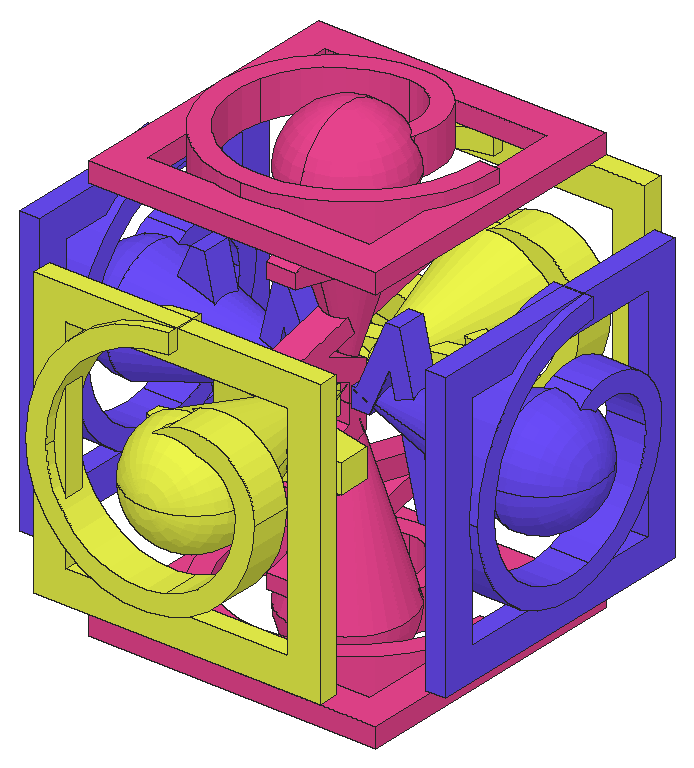
Revit family "M_Condição do limite-Variável", category Condições do limite, Revit 2019
Family settings
  ID de item do Seek = Boundary Condition-Variable-0000-CAN-ENU
  Com base no plano de trabalho = Não
  Sempre na vertical = Sim
  Corte com vazios quando carregada = Não
  Compartilhado = Não
Parameters (values of type "M_Condição do limite-Variável")
  built-in parameter 1140532 [instance] = yes
  built-in parameter 1140531 [instance] = yes
  built-in parameter 1140530 [instance] = yes
  built-in parameter 1140529 [instance] = yes
  built-in parameter 1140528 [instance] = yes
  built-in parameter 1140527 [instance] = yes
  built-in parameter 1140526 [instance] = yes
  built-in parameter 1140525 [instance] = yes
  built-in parameter 1140524 [instance] = yes
  built-in parameter 1140523 [instance] = yes
  built-in parameter 1140522 [instance] = yes
  built-in parameter 1140521 [instance] = yes
Reference planes
  plane 1 "Centro (Frente/Trás)": y = 0
  plane 2: z = 0
  plane 3 "Centro (Esquerda/Direita)": x = 0
  plane 4 "Xesquerda": x = 125.406
  plane 5 "Xdireita": x = -125.406
  plane 6 "Zsuperior": z = 125.406
  plane 7 "Zbot": z = -125.406
  plane 8 "PosY": y = 131.756
  plane 9 "NegY": y = -131.756
  plane 10 "PosX": x = 131.756
  plane 11 "NegX": x = -131.756
  plane 12: z = -50.8
  plane 13: z = 50.8
Forms (mm)
  Revolve 1, solid, material "DireçãoX", visible <- "built-in parameter 1140523"
    sketch origin (0, 0, 0) x (1, 0, 0) y (0, 1, 0)
      loop
        line (-0.56, 0.323) -> (-125.406, 38.493)
        arc (-125.406, 38.493) -> (-152.625, 27.218) -> (-163.899, 0) r 38.493
        line (-163.899, 0) -> (0, 0) -> (163.899, 0)
        arc (163.899, 0) -> (152.625, 27.218) -> (125.406, 38.493) r 38.493
        line (125.406, 38.493) -> (0.56, 0.323) -> (-0.56, 0.323)
      axis (-163.899, 0) -> (163.899, 0)
    angle from 0 to 360
  Revolve 2, solid, material "DireçãoY", visible <- "built-in parameter 1140527"
    sketch origin (0, 0, 0) x (0, 1, 0) y (-1, 0, 0)
      loop
        line (-0.56, 0.323) -> (-125.406, 38.493)
        arc (-125.406, 38.493) -> (-152.625, 27.218) -> (-163.899, 0) r 38.493
        line (-163.899, 0) -> (0, 0) -> (163.899, 0)
        arc (163.899, 0) -> (152.625, 27.218) -> (125.406, 38.493) r 38.493
        line (125.406, 38.493) -> (0.56, 0.323) -> (-0.56, 0.323)
      axis (-163.899, 0) -> (163.899, 0)
    angle from 0 to 360
  Revolve 3, solid, material "DireçãoZ", visible <- "built-in parameter 1140531"
    sketch origin (0, 0, 0) x (0, 0, -1) y (0, 1, 0)
      loop
        line (-0.56, 0.323) -> (-125.406, 38.493)
        arc (-125.406, 38.493) -> (-152.625, 27.218) -> (-163.899, 0) r 38.493
        line (-163.899, 0) -> (0, 0) -> (163.899, 0)
        arc (163.899, 0) -> (152.625, 27.218) -> (125.406, 38.493) r 38.493
        line (125.406, 38.493) -> (0.56, 0.323) -> (-0.56, 0.323)
      axis (-163.899, 0) -> (163.899, 0)
    angle from 0 to 360
  Sweep 4, solid, material "DireçãoX", visible <- "built-in parameter 1140521"
    path origin (125.406, 0, -82.526) x (0, 0, 1) y (0, 1, 0)
      loop
        line (0, 93.076) -> (0, -93.076)
    profile origin (125.406, 0, -82.526) x (0, 0, 1) y (-1, 0, 0)
      loop
        line (10.55, 0) -> (-10.55, 0) -> (-10.55, -12.7) -> (10.55, -12.7) -> (10.55, 0)
  Sweep 5, solid, material "DireçãoX", visible <- "built-in parameter 1140521"
    path origin (125.406, -82.526, 0) x (0, 1, 0) y (0, 0, -1)
      loop
        line (0, 93.076) -> (0, -93.076)
    profile origin (125.406, -82.526, 0) x (0, 1, 0) y (-1, 0, 0)
      loop
        line (10.55, 0) -> (-10.55, 0) -> (-10.55, -12.7) -> (10.55, -12.7) -> (10.55, 0)
  Sweep 6, solid, material "DireçãoX", visible <- "built-in parameter 1140521"
    path origin (-138.106, 0, -82.526) x (0, 0, 1) y (0, 1, 0)
      loop
        line (0, 93.076) -> (0, -93.076)
    profile origin (-138.106, 0, -82.526) x (0, 0, 1) y (-1, 0, 0)
      loop
        line (10.55, 0) -> (-10.55, 0) -> (-10.55, -12.7) -> (10.55, -12.7) -> (10.55, 0)
  Sweep 7, solid, material "DireçãoX", visible <- "built-in parameter 1140521"
    path origin (-138.106, -82.526, 0) x (0, 1, 0) y (0, 0, -1)
      loop
        line (0, 93.076) -> (0, -93.076)
    profile origin (-138.106, -82.526, 0) x (0, 1, 0) y (-1, 0, 0)
      loop
        line (10.55, 0) -> (-10.55, 0) -> (-10.55, -12.7) -> (10.55, -12.7) -> (10.55, 0)
  Sweep 8, solid, material "DireçãoZ", visible <- "built-in parameter 1140529"
    path origin (-82.526, 0, 125.406) x (0, 1, 0) y (-1, 0, 0)
      loop
        line (93.076, 0) -> (-93.076, 0)
    profile origin (-82.526, 0, 125.406) x (1, 0, 0) y (0, 0, 1)
      loop
        line (-10.55, 0) -> (10.55, 0) -> (10.55, 12.7) -> (-10.55, 12.7) -> (-10.55, 0)
  Sweep 9, solid, material "DireçãoZ", visible <- "built-in parameter 1140529"
    path origin (0, -82.526, 125.406) x (1, 0, 0) y (0, 1, 0)
      loop
        line (93.076, 0) -> (-93.076, 0)
    profile origin (0, -82.526, 125.406) x (0, -1, 0) y (0, 0, 1)
      loop
        line (-10.55, 0) -> (10.55, 0) -> (10.55, 12.7) -> (-10.55, 12.7) -> (-10.55, 0)
  Sweep 10, solid, material "DireçãoZ", visible <- "built-in parameter 1140529"
    path origin (-82.526, 0, -138.106) x (0, 1, 0) y (-1, 0, 0)
      loop
        line (93.076, 0) -> (-93.076, 0)
    profile origin (-82.526, 0, -138.106) x (1, 0, 0) y (0, 0, 1)
      loop
        line (-10.55, 0) -> (10.55, 0) -> (10.55, 12.7) -> (-10.55, 12.7) -> (-10.55, 0)
  Sweep 11, solid, material "DireçãoZ", visible <- "built-in parameter 1140529"
    path origin (0, -82.526, -138.106) x (1, 0, 0) y (0, 1, 0)
      loop
        line (93.076, 0) -> (-93.076, 0)
    profile origin (0, -82.526, -138.106) x (0, -1, 0) y (0, 0, 1)
      loop
        line (-10.55, 0) -> (10.55, 0) -> (10.55, 12.7) -> (-10.55, 12.7) -> (-10.55, 0)
  Sweep 12, solid, material "DireçãoY", visible <- "built-in parameter 1140525"
    path origin (-82.55, 125.406, 0) x (-1, 0, 0) y (0, 0, -1)
      loop
        line (0, 93.076) -> (0, -93.076)
    profile origin (-82.55, 125.406, 0) x (-1, 0, 0) y (0, -1, 0)
      loop
        line (10.55, 0) -> (-10.55, 0) -> (-10.55, -12.7) -> (10.55, -12.7) -> (10.55, 0)
  Sweep 13, solid, material "DireçãoY", visible <- "built-in parameter 1140525"
    path origin (0, 125.406, -82.55) x (0, 0, -1) y (1, 0, 0)
      loop
        line (0, 93.076) -> (0, -93.076)
    profile origin (0, 125.406, -82.55) x (0, 0, -1) y (0, -1, 0)
      loop
        line (10.55, 0) -> (-10.55, 0) -> (-10.55, -12.7) -> (10.55, -12.7) -> (10.55, 0)
  Sweep 14, solid, material "DireçãoY", visible <- "built-in parameter 1140525"
    path origin (82.526, -138.106, 0) x (-1, 0, 0) y (0, 0, -1)
      loop
        line (0, 93.076) -> (0, -93.076)
    profile origin (82.526, -138.106, 0) x (-1, 0, 0) y (0, -1, 0)
      loop
        line (10.55, 0) -> (-10.55, 0) -> (-10.55, -12.7) -> (10.55, -12.7) -> (10.55, 0)
  Sweep 15, solid, material "DireçãoY", visible <- "built-in parameter 1140525"
    path origin (0, -138.106, -82.526) x (0, 0, -1) y (1, 0, 0)
      loop
        line (0, 93.076) -> (0, -93.076)
    profile origin (0, -138.106, -82.526) x (0, 0, -1) y (0, -1, 0)
      loop
        line (10.55, 0) -> (-10.55, 0) -> (-10.55, -12.7) -> (10.55, -12.7) -> (10.55, 0)
  Sweep 16, solid, material "DireçãoX", visible <- "built-in parameter 1140521"
    path origin (-138.106, 0, 82.526) x (0, 0, 1) y (0, 1, 0)
      loop
        line (0, 93.076) -> (0, -93.076)
    profile origin (-138.106, 0, 82.526) x (0, 0, 1) y (-1, 0, 0)
      loop
        line (10.55, 0) -> (-10.55, 0) -> (-10.55, -12.7) -> (10.55, -12.7) -> (10.55, 0)
  Sweep 17, solid, material "DireçãoY", visible <- "built-in parameter 1140525"
    path origin (0, 125.406, 82.55) x (0, 0, -1) y (1, 0, 0)
      loop
        line (0, 93.076) -> (0, -93.076)
    profile origin (0, 125.406, 82.55) x (0, 0, -1) y (0, -1, 0)
      loop
        line (10.55, 0) -> (-10.55, 0) -> (-10.55, -12.7) -> (10.55, -12.7) -> (10.55, 0)
  Sweep 18, solid, material "DireçãoY", visible <- "built-in parameter 1140525"
    path origin (82.55, 125.406, 0) x (-1, 0, 0) y (0, 0, -1)
      loop
        line (0, 93.076) -> (0, -93.076)
    profile origin (82.55, 125.406, 0) x (-1, 0, 0) y (0, -1, 0)
      loop
        line (10.55, 0) -> (-10.55, 0) -> (-10.55, -12.7) -> (10.55, -12.7) -> (10.55, 0)
  Sweep 19, solid, material "DireçãoZ", visible <- "built-in parameter 1140529"
    path origin (82.526, 0, 125.406) x (0, 1, 0) y (-1, 0, 0)
      loop
        line (93.076, 0) -> (-93.076, 0)
    profile origin (82.526, 0, 125.406) x (1, 0, 0) y (0, 0, 1)
      loop
        line (-10.55, 0) -> (10.55, 0) -> (10.55, 12.7) -> (-10.55, 12.7) -> (-10.55, 0)
  Sweep 20, solid, material "DireçãoZ", visible <- "built-in parameter 1140529"
    path origin (82.526, 0, -138.106) x (0, 1, 0) y (-1, 0, 0)
      loop
        line (93.076, 0) -> (-93.076, 0)
    profile origin (82.526, 0, -138.106) x (1, 0, 0) y (0, 0, 1)
      loop
        line (-10.55, 0) -> (10.55, 0) -> (10.55, 12.7) -> (-10.55, 12.7) -> (-10.55, 0)
  Sweep 21, solid, material "DireçãoX", visible <- "built-in parameter 1140521"
    path origin (125.406, 0, 82.526) x (0, 0, 1) y (0, 1, 0)
      loop
        line (0, 93.076) -> (0, -93.076)
    profile origin (125.406, 0, 82.526) x (0, 0, 1) y (-1, 0, 0)
      loop
        line (10.55, 0) -> (-10.55, 0) -> (-10.55, -12.7) -> (10.55, -12.7) -> (10.55, 0)
  Sweep 22, solid, material "DireçãoY", visible <- "built-in parameter 1140525"
    path origin (0, -138.106, 82.526) x (0, 0, -1) y (1, 0, 0)
      loop
        line (0, 93.076) -> (0, -93.076)
    profile origin (0, -138.106, 82.526) x (0, 0, -1) y (0, -1, 0)
      loop
        line (10.55, 0) -> (-10.55, 0) -> (-10.55, -12.7) -> (10.55, -12.7) -> (10.55, 0)
  Sweep 23, solid, material "DireçãoX", visible <- "built-in parameter 1140521"
    path origin (-138.106, 82.526, 0) x (0, 1, 0) y (0, 0, -1)
      loop
        line (0, 93.076) -> (0, -93.076)
    profile origin (-138.106, 82.526, 0) x (0, 1, 0) y (-1, 0, 0)
      loop
        line (10.55, 0) -> (-10.55, 0) -> (-10.55, -12.7) -> (10.55, -12.7) -> (10.55, 0)
  Sweep 24, solid, material "DireçãoZ", visible <- "built-in parameter 1140529"
    path origin (0, 82.526, 125.406) x (1, 0, 0) y (0, 1, 0)
      loop
        line (93.076, 0) -> (-93.076, 0)
    profile origin (0, 82.526, 125.406) x (0, -1, 0) y (0, 0, 1)
      loop
        line (-10.55, 0) -> (10.55, 0) -> (10.55, 12.7) -> (-10.55, 12.7) -> (-10.55, 0)
  Sweep 25, solid, material "DireçãoZ", visible <- "built-in parameter 1140529"
    path origin (0, 82.526, -138.106) x (1, 0, 0) y (0, 1, 0)
      loop
        line (93.076, 0) -> (-93.076, 0)
    profile origin (0, 82.526, -138.106) x (0, -1, 0) y (0, 0, 1)
      loop
        line (-10.55, 0) -> (10.55, 0) -> (10.55, 12.7) -> (-10.55, 12.7) -> (-10.55, 0)
  Sweep 26, solid, material "DireçãoY", visible <- "built-in parameter 1140525"
    path origin (-82.526, -138.106, 0) x (-1, 0, 0) y (0, 0, -1)
      loop
        line (0, 93.076) -> (0, -93.076)
    profile origin (-82.526, -138.106, 0) x (-1, 0, 0) y (0, -1, 0)
      loop
        line (10.55, 0) -> (-10.55, 0) -> (-10.55, -12.7) -> (10.55, -12.7) -> (10.55, 0)
  Sweep 27, solid, material "DireçãoX", visible <- "built-in parameter 1140521"
    path origin (125.406, 82.526, 0) x (0, 1, 0) y (0, 0, -1)
      loop
        line (0, 93.076) -> (0, -93.076)
    profile origin (125.406, 82.526, 0) x (0, 1, 0) y (-1, 0, 0)
      loop
        line (10.55, 0) -> (-10.55, 0) -> (-10.55, -12.7) -> (10.55, -12.7) -> (10.55, 0)
  Extrusion 28, solid, material "DireçãoY", visible <- "built-in parameter 1140526"
    sketch origin (0, 131.756, 0) x (-1, 0, 0) y (0, 0, 1)
      loop
        line (0, 93.076) -> (0, 80.376)
        arc (0, 80.376) -> (56.835, 56.835) -> (80.376, 0) r 80.376
        arc (80.376, 0) -> (56.433, -48.783) -> (3.195, -59.685) r 61.668
        arc (3.195, -59.685) -> (-30.075, -37.724) -> (-42.959, 0) r 61.668
        arc (-42.959, 0) -> (-30.696, 23.391) -> (-4.482, 26.61) r 28.44
        arc (-4.482, 26.61) -> (5.593, 17.418) -> (6.596, 3.817) r 18.438
        arc (6.596, 3.817) -> (5.105, 1.959) -> (2.751, 1.597) r 3.285
        line (2.751, 1.597) -> (0, -10.801)
        arc (0, -10.801) -> (11.455, -9.039) -> (18.709, 0) r 15.985
        arc (18.709, 0) -> (17.016, 22.97) -> (0, 38.493) r 31.138
        arc (0, 38.493) -> (-37.92, 33.837) -> (-55.659, 0) r 41.14
        arc (-55.659, 0) -> (-40.121, -45.493) -> (0, -71.976) r 74.368
        arc (0, -71.976) -> (64.202, -58.83) -> (93.076, 0) r 74.368
        arc (93.076, 0) -> (65.815, 65.815) -> (0, 93.076) r 93.076
    from -12.7 to 12.7
  Extrusion 29, solid, material "DireçãoX", visible <- "built-in parameter 1140522"
    sketch origin (131.621, 18.709, 0) x (0, -1, 0) y (0, 0, 1)
      loop
        line (0, 93.076) -> (0, 80.376)
        arc (0, 80.376) -> (56.835, 56.835) -> (80.376, 0) r 80.376
        arc (80.376, 0) -> (56.433, -48.783) -> (3.195, -59.685) r 61.668
        arc (3.195, -59.685) -> (-30.075, -37.724) -> (-42.959, 0) r 61.668
        arc (-42.959, 0) -> (-30.696, 23.391) -> (-4.482, 26.61) r 28.44
        arc (-4.482, 26.61) -> (5.593, 17.418) -> (6.596, 3.817) r 18.438
        arc (6.596, 3.817) -> (5.105, 1.959) -> (2.751, 1.597) r 3.285
        line (2.751, 1.597) -> (0, -10.801)
        arc (0, -10.801) -> (11.455, -9.039) -> (18.709, 0) r 15.985
        arc (18.709, 0) -> (17.016, 22.97) -> (0, 38.493) r 31.138
        arc (0, 38.493) -> (-37.92, 33.837) -> (-55.659, 0) r 41.14
        arc (-55.659, 0) -> (-40.121, -45.493) -> (0, -71.976) r 74.368
        arc (0, -71.976) -> (64.202, -58.83) -> (93.076, 0) r 74.368
        arc (93.076, 0) -> (65.815, 65.815) -> (0, 93.076) r 93.076
    from -12.7 to 12.7
  Extrusion 30, solid, material "DireçãoX", visible <- "built-in parameter 1140522"
    sketch origin (-131.756, 18.709, 0) x (0, -1, 0) y (0, 0, 1)
      loop
        line (0, 93.076) -> (0, 80.376)
        arc (0, 80.376) -> (56.835, 56.835) -> (80.376, 0) r 80.376
        arc (80.376, 0) -> (56.433, -48.783) -> (3.195, -59.685) r 61.668
        arc (3.195, -59.685) -> (-30.075, -37.724) -> (-42.959, 0) r 61.668
        arc (-42.959, 0) -> (-30.696, 23.391) -> (-4.482, 26.61) r 28.44
        arc (-4.482, 26.61) -> (5.593, 17.418) -> (6.596, 3.817) r 18.438
        arc (6.596, 3.817) -> (5.105, 1.959) -> (2.751, 1.597) r 3.285
        line (2.751, 1.597) -> (0, -10.801)
        arc (0, -10.801) -> (11.455, -9.039) -> (18.709, 0) r 15.985
        arc (18.709, 0) -> (17.016, 22.97) -> (0, 38.493) r 31.138
        arc (0, 38.493) -> (-37.92, 33.837) -> (-55.659, 0) r 41.14
        arc (-55.659, 0) -> (-40.121, -45.493) -> (0, -71.976) r 74.368
        arc (0, -71.976) -> (64.202, -58.83) -> (93.076, 0) r 74.368
        arc (93.076, 0) -> (65.815, 65.815) -> (0, 93.076) r 93.076
    from -12.7 to 12.7
  Extrusion 31, solid, material "DireçãoZ", visible <- "built-in parameter 1140530"
    sketch origin (-9.49, 18.709, -130.475) x (0, -1, 0) y (1, 0, 0)
      loop
        line (0, 93.076) -> (0, 80.376)
        arc (0, 80.376) -> (56.835, 56.835) -> (80.376, 0) r 80.376
        arc (80.376, 0) -> (56.433, -48.783) -> (3.195, -59.685) r 61.668
        arc (3.195, -59.685) -> (-30.075, -37.724) -> (-42.959, 0) r 61.668
        arc (-42.959, 0) -> (-30.696, 23.391) -> (-4.482, 26.61) r 28.44
        arc (-4.482, 26.61) -> (5.593, 17.418) -> (6.596, 3.817) r 18.438
        arc (6.596, 3.817) -> (5.105, 1.959) -> (2.751, 1.597) r 3.285
        line (2.751, 1.597) -> (0, -10.801)
        arc (0, -10.801) -> (11.455, -9.039) -> (18.709, 0) r 15.985
        arc (18.709, 0) -> (17.016, 22.97) -> (0, 38.493) r 31.138
        arc (0, 38.493) -> (-37.92, 33.837) -> (-55.659, 0) r 41.14
        arc (-55.659, 0) -> (-40.121, -45.493) -> (0, -71.976) r 74.368
        arc (0, -71.976) -> (64.202, -58.83) -> (93.076, 0) r 74.368
        arc (93.076, 0) -> (65.815, 65.815) -> (0, 93.076) r 93.076
    from -12.7 to 12.7
  Extrusion 32, solid, material "DireçãoZ", visible <- "built-in parameter 1140530"
    sketch origin (-9.49, 18.709, 133.805) x (0, -1, 0) y (1, 0, 0)
      loop
        line (0, 93.076) -> (0, 80.376)
        arc (0, 80.376) -> (56.835, 56.835) -> (80.376, 0) r 80.376
        arc (80.376, 0) -> (56.433, -48.783) -> (3.195, -59.685) r 61.668
        arc (3.195, -59.685) -> (-30.075, -37.724) -> (-42.959, 0) r 61.668
        arc (-42.959, 0) -> (-30.696, 23.391) -> (-4.482, 26.61) r 28.44
        arc (-4.482, 26.61) -> (5.593, 17.418) -> (6.596, 3.817) r 18.438
        arc (6.596, 3.817) -> (5.105, 1.959) -> (2.751, 1.597) r 3.285
        line (2.751, 1.597) -> (0, -10.801)
        arc (0, -10.801) -> (11.455, -9.039) -> (18.709, 0) r 15.985
        arc (18.709, 0) -> (17.016, 22.97) -> (0, 38.493) r 31.138
        arc (0, 38.493) -> (-37.92, 33.837) -> (-55.659, 0) r 41.14
        arc (-55.659, 0) -> (-40.121, -45.493) -> (0, -71.976) r 74.368
        arc (0, -71.976) -> (64.202, -58.83) -> (93.076, 0) r 74.368
        arc (93.076, 0) -> (65.815, 65.815) -> (0, 93.076) r 93.076
    from -12.7 to 12.7
  Extrusion 33, solid, material "DireçãoX", visible <- "built-in parameter 1140524"
    sketch origin (0, 0, 0) x (-1, 0, 0) y (0, 0, -1)
      loop
        line (0, 6.35) -> (0, -6.35) -> (12.7, -6.35) -> (31.568, -50.8) -> (41.047, -50.8) -> (63.299, 45.585) -> (85.552, -50.8) -> (95.031, -50.8) -> (113.899, -6.35) -> (138.106, -6.35) -> (138.106, 6.35) -> (105.493, 6.35) -> (92.473, -24.323) -> (73.401, 58.285) -> (53.197, 58.285) -> (34.126, -24.323) -> (21.106, 6.35) -> (0, 6.35)
    from -10.066 to 8.524
  Extrusion 34, solid, material "DireçãoY", visible <- "built-in parameter 1140526"
    sketch origin (0, -131.756, 0) x (-1, 0, 0) y (0, 0, 1)
      loop
        line (0, 93.076) -> (0, 80.376)
        arc (0, 80.376) -> (56.835, 56.835) -> (80.376, 0) r 80.376
        arc (80.376, 0) -> (56.433, -48.783) -> (3.195, -59.685) r 61.668
        arc (3.195, -59.685) -> (-30.075, -37.724) -> (-42.959, 0) r 61.668
        arc (-42.959, 0) -> (-30.696, 23.391) -> (-4.482, 26.61) r 28.44
        arc (-4.482, 26.61) -> (5.593, 17.418) -> (6.596, 3.817) r 18.438
        arc (6.596, 3.817) -> (5.105, 1.959) -> (2.751, 1.597) r 3.285
        line (2.751, 1.597) -> (0, -10.801)
        arc (0, -10.801) -> (11.455, -9.039) -> (18.709, 0) r 15.985
        arc (18.709, 0) -> (17.016, 22.97) -> (0, 38.493) r 31.138
        arc (0, 38.493) -> (-37.92, 33.837) -> (-55.659, 0) r 41.14
        arc (-55.659, 0) -> (-40.121, -45.493) -> (0, -71.976) r 74.368
        arc (0, -71.976) -> (64.202, -58.83) -> (93.076, 0) r 74.368
        arc (93.076, 0) -> (65.815, 65.815) -> (0, 93.076) r 93.076
    from -12.7 to 12.7
  Extrusion 35, solid, material "DireçãoX", visible <- "built-in parameter 1140524"
    sketch origin (0, 0, 0) x (1, 0, 0) y (0, 0, 1)
      loop
        line (0, -6.35) -> (21.106, -6.35) -> (34.126, 24.323) -> (53.197, -58.285) -> (73.401, -58.285) -> (92.473, 24.323) -> (105.493, -6.35) -> (138.106, -6.35) -> (138.106, 6.35) -> (113.899, 6.35) -> (95.031, 50.8) -> (85.552, 50.8) -> (63.299, -45.585) -> (41.047, 50.8) -> (31.568, 50.8) -> (12.7, 6.35) -> (0, 6.35) -> (0, -6.35)
    from -10.066 to 8.524
  Extrusion 36, solid, material "DireçãoZ", visible <- "built-in parameter 1140532"
    sketch origin (-0.771, -2.971, -3.743) x (0, 0, 1) y (0, 1, 0)
      loop
        line (0, 6.35) -> (0, -6.35) -> (12.7, -6.35) -> (31.568, -50.8) -> (41.047, -50.8) -> (63.299, 45.585) -> (85.552, -50.8) -> (95.031, -50.8) -> (113.899, -6.35) -> (138.106, -6.35) -> (138.106, 6.35) -> (105.493, 6.35) -> (92.473, -24.323) -> (73.401, 58.285) -> (53.197, 58.285) -> (34.126, -24.323) -> (21.106, 6.35) -> (0, 6.35)
    from -10.066 to 8.524
  Extrusion 37, solid, material "DireçãoZ", visible <- "built-in parameter 1140532"
    sketch origin (-0.771, -2.971, -3.743) x (0, 0, -1) y (0, -1, 0)
      loop
        line (0, -6.35) -> (21.106, -6.35) -> (34.126, 24.323) -> (53.197, -58.285) -> (73.401, -58.285) -> (92.473, 24.323) -> (105.493, -6.35) -> (138.106, -6.35) -> (138.106, 6.35) -> (113.899, 6.35) -> (95.031, 50.8) -> (85.552, 50.8) -> (63.299, -45.585) -> (41.047, 50.8) -> (31.568, 50.8) -> (12.7, 6.35) -> (0, 6.35) -> (0, -6.35)
    from -10.066 to 8.524
  Extrusion 38, solid, material "DireçãoY", visible <- "built-in parameter 1140528"
    sketch origin (-3.743, 0.771, -2.971) x (0, -1, 0) y (1, 0, 0)
      loop
        line (0, 6.35) -> (0, -6.35) -> (12.7, -6.35) -> (31.568, -50.8) -> (41.047, -50.8) -> (63.299, 45.585) -> (85.552, -50.8) -> (95.031, -50.8) -> (113.899, -6.35) -> (138.106, -6.35) -> (138.106, 6.35) -> (105.493, 6.35) -> (92.473, -24.323) -> (73.401, 58.285) -> (53.197, 58.285) -> (34.126, -24.323) -> (21.106, 6.35) -> (0, 6.35)
    from -10.066 to 8.524
  Extrusion 39, solid, material "DireçãoY", visible <- "built-in parameter 1140528"
    sketch origin (-3.743, 0.771, -2.971) x (0, 1, 0) y (-1, 0, 0)
      loop
        line (0, -6.35) -> (21.106, -6.35) -> (34.126, 24.323) -> (53.197, -58.285) -> (73.401, -58.285) -> (92.473, 24.323) -> (105.493, -6.35) -> (138.106, -6.35) -> (138.106, 6.35) -> (113.899, 6.35) -> (95.031, 50.8) -> (85.552, 50.8) -> (63.299, -45.585) -> (41.047, 50.8) -> (31.568, 50.8) -> (12.7, 6.35) -> (0, 6.35) -> (0, -6.35)
    from -10.066 to 8.524
Cuts and joins
  joined: Sweep 12, Sweep 13, Sweep 17, Sweep 18
  joined: Sweep 14, Sweep 15, Sweep 22, Sweep 26
  joined: Sweep 6, Sweep 7, Sweep 16, Sweep 23
  joined: Sweep 8, Sweep 9, Sweep 10, Sweep 11, Sweep 19, Sweep 20, Sweep 24, Sweep 25
  joined: Sweep 4, Sweep 5, Sweep 21, Sweep 27
Lines and regions (mm)
  model lines
    curve 1: line (-131.756, 0, 0) -> (131.756, 0, 0)
    curve 2: line (0, 0, -138.106) -> (0, 0, 128.594)
    curve 3: line (0, 131.756, 0) -> (0, -131.756, 0)
Dimensions and locks
  Sweep 4 sketch curve to Sweep 4 sketch curve to level = 21.1 mm, 71.976 mm
  Sweep 5 sketch curve to Sweep 5 sketch curve = 21.1 mm
  Sweep 6 sketch curve to Sweep 6 sketch curve = 21.1 mm
  Sweep 7 sketch curve to Sweep 7 sketch curve = 21.1 mm
  Sweep 8 sketch curve to Sweep 8 sketch curve = 21.1 mm
  Sweep 9 sketch curve to Sweep 9 sketch curve = 21.1 mm
  Sweep 10 sketch curve to Sweep 10 sketch curve = 21.1 mm
  Sweep 11 sketch curve to Sweep 11 sketch curve = 21.1 mm
  Sweep 12 sketch curve to Sweep 12 sketch curve = 21.1 mm
  Sweep 13 sketch curve to Sweep 13 sketch curve = 21.1 mm
  Sweep 14 sketch curve to Sweep 14 sketch curve = 21.1 mm
  Sweep 15 sketch curve to Sweep 15 sketch curve = 21.1 mm
  Sweep 16 sketch curve to Sweep 16 sketch curve = 21.1 mm
  Sweep 17 sketch curve to Sweep 17 sketch curve = 21.1 mm
  Sweep 18 sketch curve to Sweep 18 sketch curve = 21.1 mm
  Sweep 19 sketch curve to Sweep 19 sketch curve = 21.1 mm
  Sweep 20 sketch curve to Sweep 20 sketch curve = 21.1 mm
  Sweep 21 sketch curve to Sweep 21 sketch curve = 21.1 mm
  Sweep 22 sketch curve to Sweep 22 sketch curve = 21.1 mm
  Sweep 23 sketch curve to Sweep 23 sketch curve = 21.1 mm
  Sweep 24 sketch curve to Sweep 24 sketch curve = 21.1 mm
  Sweep 25 sketch curve to Sweep 25 sketch curve = 21.1 mm
  Sweep 26 sketch curve to Sweep 26 sketch curve = 21.1 mm
  Sweep 27 sketch curve to Sweep 27 sketch curve = 21.1 mm
  plane 12 to plane 2 = 50.8 mm
  plane 2 to plane 13 = 50.8 mm
